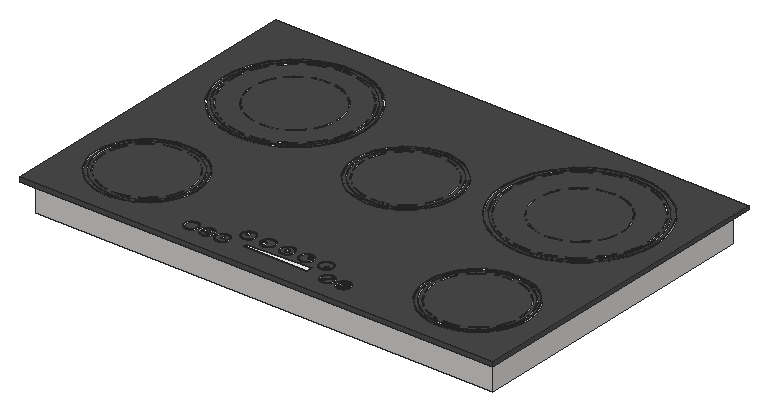
Revit family "QF_Summit_CR5B30T7B_Electric Cooktop", category Specialty Equipment, Revit 2020 (continued)
Forms (in)
  Extrusion 2, solid, material "QF_Plastic_White_Smooth"
    sketch origin (-1.19104, -180, 1.88) x (-1, 0, 0) y (0, -1, 0)
      loop
        line (-29.56464, -172.45371) -> (-29.59396, -172.44291)
        arc (-29.59396, -172.44291) -> (-29.74482, -172.94171) -> (-29.83576, -173.45482) r 4.40804
        line (-29.83576, -173.45482) -> (-29.80472, -173.45844)
        arc (-29.80472, -173.45844) -> (-29.71442, -172.94897) -> (-29.56464, -172.45371) r 4.37679
      loop
        line (-29.41085, -172.01637) -> (-29.38282, -172.03019)
        arc (-29.38282, -172.03019) -> (-29.11629, -171.5642) -> (-28.79471, -171.13435) r 4.37679
        line (-28.79471, -171.13435) -> (-28.81688, -171.11218)
        arc (-28.81688, -171.11218) -> (-29.14171, -171.54598) -> (-29.41085, -172.01637) r 4.40804
      loop
        line (-28.49409, -170.77088) -> (-28.47199, -170.79298)
        arc (-28.47199, -170.79298) -> (-28.07295, -170.4568) -> (-27.63674, -170.17049) r 4.37679
        line (-27.63674, -170.17049) -> (-27.6523, -170.14339)
        arc (-27.6523, -170.14339) -> (-28.09195, -170.43198) -> (-28.49409, -170.77088) r 4.40804
      loop
        line (-27.23923, -169.93426) -> (-27.2266, -169.96284)
        arc (-27.2266, -169.96284) -> (-26.73196, -169.77903) -> (-26.2188, -169.65608) r 4.37679
        line (-26.2188, -169.65608) -> (-26.22423, -169.62531)
        arc (-26.22423, -169.62531) -> (-26.74106, -169.74914) -> (-27.23923, -169.93426) r 4.40804
      loop
        line (-25.77639, -169.56966) -> (-25.77639, -169.601)
        arc (-25.77639, -169.601) -> (-25.23488, -169.59503) -> (-24.69677, -169.65597) r 4.37679
        line (-24.69677, -169.65597) -> (-24.69134, -169.6252)
        arc (-24.69134, -169.6252) -> (-25.23215, -169.56387) -> (-25.77639, -169.56966) r 4.40804
      loop
        line (-24.24888, -169.72703) -> (-24.25745, -169.75709)
        arc (-24.25745, -169.75709) -> (-23.76119, -169.93144) -> (-23.28943, -170.16406) r 4.37679
        line (-23.28943, -170.16406) -> (-23.27395, -170.13691)
        arc (-23.27395, -170.13691) -> (-23.74908, -169.90263) -> (-24.24888, -169.72703) r 4.40804
      loop
        line (-22.88281, -170.38817) -> (-22.90106, -170.41354)
        arc (-22.90106, -170.41354) -> (-22.48301, -170.75541) -> (-22.11024, -171.14617) r 4.37679
        line (-22.11024, -171.14617) -> (-22.08806, -171.12399)
        arc (-22.08806, -171.12399) -> (-22.46275, -170.73158) -> (-22.88281, -170.38817) r 4.40804
      loop
        line (-21.34009, -172.48176) -> (-21.31069, -172.47116)
        arc (-21.31069, -172.47116) -> (-21.5263, -171.97198) -> (-21.80173, -171.50315) r 4.40804
        line (-21.80173, -171.50315) -> (-21.82765, -171.52061)
        arc (-21.82765, -171.52061) -> (-21.55417, -171.98612) -> (-21.34009, -172.48176) r 4.37679
      loop
        line (-23.11564, -175.34724) -> (-23.08872, -175.36311)
        arc (-23.08872, -175.36311) -> (-22.88069, -174.92672) -> (-22.7523, -174.46065) r 2.75
        line (-22.7523, -174.46065) -> (-22.78304, -174.45503)
        arc (-22.78304, -174.45503) -> (-22.90997, -174.91581) -> (-23.11564, -175.34724) r 2.71875
      loop
        line (-22.74401, -173.79661) -> (-22.7127, -173.79661)
        arc (-22.7127, -173.79661) -> (-22.76384, -173.41224) -> (-22.86852, -173.03889) r 2.75
        line (-22.86852, -173.03889) -> (-22.89794, -173.04942)
        arc (-22.89794, -173.04942) -> (-22.79464, -173.41759) -> (-22.74401, -173.79661) r 2.71875
      loop
        line (-23.70105, -171.85015) -> (-23.72101, -171.87419)
        arc (-23.72101, -171.87419) -> (-23.36969, -172.22467) -> (-23.08793, -172.63316) r 2.71875
        line (-23.08793, -172.63316) -> (-23.06069, -172.61784)
        arc (-23.06069, -172.61784) -> (-23.34569, -172.20465) -> (-23.70105, -171.85015) r 2.75
      loop
        line (-24.98486, -171.25707) -> (-24.99023, -171.28785)
        arc (-24.99023, -171.28785) -> (-24.51498, -171.41599) -> (-24.07063, -171.62772) r 2.71875
        line (-24.07063, -171.62772) -> (-24.05468, -171.60084)
        arc (-24.05468, -171.60084) -> (-24.50415, -171.38668) -> (-24.98486, -171.25707) r 2.75
      loop
        line (-26.39713, -171.38167) -> (-26.38645, -171.41104)
        arc (-26.38645, -171.41104) -> (-25.91966, -171.28698) -> (-25.43827, -171.24747) r 2.71875
        line (-25.43827, -171.24747) -> (-25.43827, -171.21622)
        arc (-25.43827, -171.21622) -> (-25.92508, -171.2562) -> (-26.39713, -171.38167) r 2.75
      loop
        line (-27.56589, -172.20063) -> (-27.54371, -172.22282)
        arc (-27.54371, -172.22282) -> (-27.20234, -171.8812) -> (-26.80591, -171.60537) r 2.71875
        line (-26.80591, -171.60537) -> (-26.82141, -171.57823)
        arc (-26.82141, -171.57823) -> (-27.22132, -171.85633) -> (-27.56589, -172.20063) r 2.75
      loop
        line (-28.17064, -173.51756) -> (-28.13981, -173.52266)
        arc (-28.13981, -173.52266) -> (-28.01487, -173.04348) -> (-27.80509, -172.59492) r 2.71875
        line (-27.80509, -172.59492) -> (-27.83208, -172.57916)
        arc (-27.83208, -172.57916) -> (-28.04427, -173.03288) -> (-28.17064, -173.51756) r 2.75
      loop
        line (-28.03039, -174.93702) -> (-28.00116, -174.92599)
        arc (-28.00116, -174.92599) -> (-28.1321, -174.45399) -> (-28.17622, -173.96615) r 2.71875
        line (-28.17622, -173.96615) -> (-28.20747, -173.96615)
        arc (-28.20747, -173.96615) -> (-28.16284, -174.45959) -> (-28.03039, -174.93702) r 2.75
      loop
        line (-27.18309, -176.10736) -> (-27.16348, -176.08302)
        arc (-27.16348, -176.08302) -> (-27.53449, -175.72046) -> (-27.82988, -175.29404) r 2.71875
        line (-27.82988, -175.29404) -> (-27.85715, -175.3093)
        arc (-27.85715, -175.3093) -> (-27.55836, -175.74063) -> (-27.18309, -176.10736) r 2.75
      loop
        line (-25.90779, -176.67903) -> (-25.90267, -176.6482)
        arc (-25.90267, -176.6482) -> (-26.38524, -176.5217) -> (-26.83658, -176.30916) r 2.71875
        line (-26.83658, -176.30916) -> (-26.85243, -176.33609)
        arc (-26.85243, -176.33609) -> (-26.39591, -176.55108) -> (-25.90779, -176.67903) r 2.75
      loop
        line (-25.52061, -176.68417) -> (-25.52061, -176.71543)
        arc (-25.52061, -176.71543) -> (-25.00022, -176.67787) -> (-24.49628, -176.5427) r 2.75
        line (-24.49628, -176.5427) -> (-24.5072, -176.51342)
        arc (-24.5072, -176.51342) -> (-25.00577, -176.64712) -> (-25.52061, -176.68417) r 2.71875
      loop
        line (-24.10736, -176.32598) -> (-24.09184, -176.35311)
        arc (-24.09184, -176.35311) -> (-23.68495, -176.06869) -> (-23.33583, -175.71576) r 2.75
        line (-23.33583, -175.71576) -> (-23.35993, -175.69587)
        arc (-23.35993, -175.69587) -> (-23.70509, -176.0448) -> (-24.10736, -176.32598) r 2.71875
      loop
        circle (-26.91382, -163.96941) r 3.25
      loop
        circle (-26.91382, -163.96941) r 3.1875
      loop
        circle (-26.91382, -163.96941) r 3.01918
      loop
        circle (-26.91382, -163.96941) r 2.98793
      loop
        line (-28.68474, -166.10724) -> (-28.66255, -166.08504)
        arc (-28.66255, -166.08504) -> (-29.02055, -165.72885) -> (-29.30724, -165.31309) r 2.7448
        line (-29.30724, -165.31309) -> (-29.33449, -165.32839)
        arc (-29.33449, -165.32839) -> (-29.04549, -165.74774) -> (-28.68474, -166.10724) r 2.77605
      loop
        line (-29.52935, -164.89972) -> (-29.49991, -164.88925)
        arc (-29.49991, -164.88925) -> (-29.62036, -164.42616) -> (-29.65855, -163.9492) r 2.7448
        line (-29.65855, -163.9492) -> (-29.6898, -163.9492)
        arc (-29.6898, -163.9492) -> (-29.65115, -164.43148) -> (-29.52935, -164.89972) r 2.77605
      loop
        line (-29.64965, -163.49854) -> (-29.61885, -163.50384)
        arc (-29.61885, -163.50384) -> (-29.49229, -163.02843) -> (-29.2829, -162.58326) r 2.7448
        line (-29.2829, -162.58326) -> (-29.30987, -162.56748)
        arc (-29.30987, -162.56748) -> (-29.52165, -163.01772) -> (-29.64965, -163.49854) r 2.77605
      loop
        line (-29.04187, -162.18675) -> (-29.01969, -162.20893)
        arc (-29.01969, -162.20893) -> (-28.68198, -161.86999) -> (-28.29055, -161.59484) r 2.7448
        line (-28.29055, -161.59484) -> (-28.30622, -161.56781)
        arc (-28.30622, -161.56781) -> (-28.70104, -161.84519) -> (-29.04187, -162.18675) r 2.77605
      loop
        line (-27.87922, -161.36663) -> (-27.86835, -161.39592)
        arc (-27.86835, -161.39592) -> (-27.40398, -161.26873) -> (-26.92453, -161.22463) r 2.7448
        line (-26.92453, -161.22463) -> (-26.92453, -161.19338)
        arc (-26.92453, -161.19338) -> (-27.4095, -161.23797) -> (-27.87922, -161.36663) r 2.77605
      loop
        line (-26.49026, -161.22586) -> (-26.49503, -161.25674)
        arc (-26.49503, -161.25674) -> (-25.98423, -161.38681) -> (-25.50771, -161.61212) r 2.7448
        line (-25.50771, -161.61212) -> (-25.4917, -161.58529)
        arc (-25.4917, -161.58529) -> (-25.97365, -161.35741) -> (-26.49026, -161.22586) r 2.77605
      loop
        line (-25.14856, -161.82691) -> (-25.17076, -161.84911)
        arc (-25.17076, -161.84911) -> (-24.80855, -162.20822) -> (-24.51904, -162.62815) r 2.7448
        line (-24.51904, -162.62815) -> (-24.49178, -162.61288)
        arc (-24.49178, -162.61288) -> (-24.7836, -162.18934) -> (-25.14856, -161.82691) r 2.77605
      loop
        line (-24.30689, -163.01529) -> (-24.33623, -163.02603)
        arc (-24.33623, -163.02603) -> (-24.20809, -163.50792) -> (-24.16925, -164.00505) r 2.7448
        line (-24.16925, -164.00505) -> (-24.138, -164.00505)
        arc (-24.138, -164.00505) -> (-24.17732, -163.50247) -> (-24.30689, -163.01529) r 2.77605
      loop
        line (-24.17765, -164.43824) -> (-24.20845, -164.43296)
        arc (-24.20845, -164.43296) -> (-24.33629, -164.91294) -> (-24.54854, -165.36203) r 2.7448
        line (-24.54854, -165.36203) -> (-24.52161, -165.37788)
        arc (-24.52161, -165.37788) -> (-24.30694, -164.92369) -> (-24.17765, -164.43824) r 2.77605
      loop
        line (-24.77796, -165.74269) -> (-24.802, -165.72273)
        arc (-24.802, -165.72273) -> (-25.13819, -166.06251) -> (-25.52822, -166.33881) r 2.7448
        line (-25.52822, -166.33881) -> (-25.51245, -166.36578)
        arc (-25.51245, -166.36578) -> (-25.11797, -166.08634) -> (-24.77796, -165.74269) r 2.77605
      loop
        line (-25.95488, -166.57458) -> (-25.96568, -166.54525)
        arc (-25.96568, -166.54525) -> (-26.44703, -166.67423) -> (-26.94377, -166.71405) r 2.7448
        line (-26.94377, -166.71405) -> (-26.94377, -166.7453)
        arc (-26.94377, -166.7453) -> (-26.44155, -166.70499) -> (-25.95488, -166.57458) r 2.77605
      loop
        line (-27.41462, -166.69992) -> (-27.40899, -166.66918)
        arc (-27.40899, -166.66918) -> (-27.87154, -166.54171) -> (-28.30483, -166.33564) r 2.7448
        line (-28.30483, -166.33564) -> (-28.32067, -166.36258)
        arc (-28.32067, -166.36258) -> (-27.88244, -166.57099) -> (-27.41462, -166.69992) r 2.77605
    from 0 to 0.25
  Extrusion 3, solid, material "QF_Metal_Stainless_Polished"
    sketch origin (-2.73972, -180, 0) x (0, -1, 0) y (-1, 0, 0)
      loop
        line (-160.1875, -3.30222) -> (-179.3125, -3.30222) -> (-179.3125, -32.42722) -> (-160.1875, -32.42722) -> (-160.1875, -3.30222)
    from 0 to -0.0625
  Extrusion 4, solid, material "QF_Metal_Stainless_Polished"
    sketch origin (-12.87514, 0, 0) x (1, 0, 0) y (0, 1, 0)
      loop
        circle (28.00014, -0.98525) r 0.125
    from 0 to -1
  Extrusion 5, solid, material "QF_Metal_Stainless_Polished"
    sketch origin (-2.73972, -180, -0.12) x (-1, 0, 0) y (0, -1, 0)
      loop
        line (-3.23972, -179.375) -> (-3.23972, -160.125) -> (-32.48972, -160.125) -> (-32.48972, -179.375) -> (-3.23972, -179.375)
      loop
        line (-3.30222, -160.1875) -> (-32.42722, -160.1875) -> (-32.42722, -179.3125) -> (-3.30222, -179.3125) -> (-3.30222, -160.1875)
    from 0.12 to 2
  Extrusion 6, solid, material "QF_Plastic_White_Smooth"
    sketch origin (1.30896, -180, 1.88) x (-1, 0, 0) y (0, -1, 0)
      loop
        circle (-11.33221, -161.9833) r 0.42869
      loop
        circle (-11.33221, -161.9833) r 0.39744
      loop
        circle (-11.17116, -162.14539) r 0.13534
      loop
        circle (-12.43549, -161.82122) r 0.13534
      loop
        circle (-12.59654, -161.9833) r 0.39744
      loop
        circle (-12.59654, -161.9833) r 0.42869
      loop
        circle (-13.81604, -161.9833) r 0.42869
      loop
        circle (-13.81604, -161.9833) r 0.39744
      loop
        circle (-13.81604, -161.9833) r 0.13534
      loop
        circle (-15.03553, -161.9833) r 0.42869
      loop
        circle (-15.03553, -161.9833) r 0.39744
      loop
        circle (-15.19659, -162.14539) r 0.13534
      loop
        circle (-16.29986, -161.9833) r 0.42869
      loop
        circle (-16.29986, -161.9833) r 0.39744
      loop
        circle (-16.46092, -161.82122) r 0.13534
      loop
        circle (-8.46353, -160.98371) r 0.42869
      loop
        circle (-8.46353, -160.98371) r 0.36619
      loop
        circle (-9.46353, -160.98371) r 0.42869
      loop
        circle (-9.46353, -160.98371) r 0.39744
      loop
        line (-9.22936, -161.13767) -> (-9.22936, -160.86031) -> (-9.47955, -160.99899) -> (-9.22936, -161.13767)
      loop
        line (-9.50568, -160.81214) -> (-9.63429, -160.81214) -> (-9.63429, -161.18585) -> (-9.50568, -161.18585) -> (-9.50568, -160.81214)
      loop
        circle (-10.45771, -160.98371) r 0.42869
      loop
        circle (-10.45771, -160.98371) r 0.39744
      loop
        line (-10.40642, -160.93163) -> (-10.78511, -160.9984) -> (-10.47595, -161.02545) -> (-10.44014, -161.31706) -> (-10.40642, -160.93163)
      loop
        line (-15.85973, -160.96725) -> (-15.85973, -161.38465) -> (-11.82904, -161.18247) -> (-11.82904, -160.96725) -> (-15.85973, -160.96725)
      loop
        circle (-17.19862, -160.98371) r 0.42869
      loop
        circle (-17.19862, -160.98371) r 0.39744
      loop
        line (-16.95826, -160.78859) -> (-17.00229, -160.74456) -> (-17.36411, -161.10638)
        arc (-17.36411, -161.10638) -> (-17.43915, -161.22545) -> (-17.32008, -161.15041) r 0.07216
        line (-17.32008, -161.15041) -> (-16.95826, -160.78859)
      loop
        circle (-18.22179, -160.98371) r 0.42869
      loop
        circle (-18.22179, -160.98371) r 0.36619
      loop
        line (-18.26744, -161.2295) -> (-18.26744, -161.31685) -> (-18.17614, -161.31685) -> (-18.17614, -161.2295)
        arc (-18.17614, -161.2295) -> (-18.22179, -160.73371) -> (-18.26744, -161.2295) r 0.25
      loop
        arc (-18.17614, -161.16556) -> (-18.22179, -160.79621) -> (-18.26744, -161.16556) r 0.1875
        line (-18.26744, -161.16556) -> (-18.26744, -161.03933) -> (-18.17614, -161.03933) -> (-18.17614, -161.16556)
    from 0 to 0.25
Lines and regions (in)
  symbolic lines
    curve 1: line (0, 0, 0) -> (0, -20.5, 0)
    curve 2: line (0, -20.5, 0) -> (30.25, -20.5, 0)
    curve 3: line (30.25, -20.5, 0) -> (30.25, 0, 0)
    curve 4: line (30.25, 0, 0) -> (0, 0, 0)
    curve 5: arc (10.51644, -6.03385, 0) -> (6.01644, -1.53385, 0) -> (1.51644, -6.03385, 0) r 4.5
    curve 6: arc (1.51644, -6.03385, 0) -> (6.01644, -10.53385, 0) -> (10.51644, -6.03385, 0) r 4.5
    curve 7: arc (10.45394, -6.03385, 0) -> (6.01644, -1.59635, 0) -> (1.57894, -6.03385, 0) r 4.4375
    curve 8: arc (1.57894, -6.03385, 0) -> (6.01644, -10.47135, 0) -> (10.45394, -6.03385, 0) r 4.4375
    curve 9: arc (10.26644, -6.03385, 0) -> (6.01644, -1.78385, 0) -> (1.76644, -6.03385, 0) r 4.25
    curve 10: arc (1.76644, -6.03385, 0) -> (6.01644, -10.28385, 0) -> (10.26644, -6.03385, 0) r 4.25
    curve 11: arc (10.23519, -6.03385, 0) -> (6.01644, -1.8151, 0) -> (1.79769, -6.03385, 0) r 4.21875
    curve 12: arc (1.79769, -6.03385, 0) -> (6.01644, -10.2526, 0) -> (10.23519, -6.03385, 0) r 4.21875
    curve 13: arc (2.02734, -6.78543, 0) -> (2.15398, -7.28252, 0) -> (2.3423, -7.75968, 0) r 4.05928
    curve 14: line (2.3423, -7.75968, 0) -> (2.37059, -7.74639, 0)
    curve 15: arc (2.37059, -7.74639, 0) -> (2.18372, -7.27291, 0) -> (2.05805, -6.77964, 0) r 4.02803
    curve 16: line (2.05805, -6.77964, 0) -> (2.02734, -6.78543, 0)
    curve 17: arc (2.0379, -5.22825, 0) -> (1.96666, -5.75623, 0) -> (1.96518, -6.289, 0) r 4.05928
    curve 18: line (1.96518, -6.289, 0) -> (1.9965, -6.289, 0)
    curve 19: arc (1.9965, -6.289, 0) -> (1.99777, -5.75935, 0) -> (2.06853, -5.23445, 0) r 4.02803
    curve 20: line (2.06853, -5.23445, 0) -> (2.0379, -5.22825, 0)
    curve 21: arc (2.58802, -3.86044, 0) -> (2.34102, -4.31075, 0) -> (2.15286, -4.78863, 0) r 4.05928
    curve 22: line (2.15286, -4.78863, 0) -> (2.18261, -4.79822, 0)
    curve 23: arc (2.18261, -4.79822, 0) -> (2.36932, -4.32401, 0) -> (2.61441, -3.87718, 0) r 4.02803
    curve 24: line (2.61441, -3.87718, 0) -> (2.58802, -3.86044, 0)
    curve 25: arc (3.60186, -2.77079, 0) -> (3.20018, -3.11042, 0) -> (2.8458, -3.49913, 0) r 4.05928
    curve 26: line (2.8458, -3.49913, 0) -> (2.87021, -3.51864, 0)
    curve 27: arc (2.87021, -3.51864, 0) -> (3.22186, -3.13292, 0) -> (3.62045, -2.79591, 0) r 4.02803
    curve 28: line (3.62045, -2.79591, 0) -> (3.60186, -2.77079, 0)
    curve 29: arc (4.92603, -2.12376, 0) -> (4.45199, -2.28815, 0) -> (4.00185, -2.50976, 0) r 4.05928
    curve 30: line (4.00185, -2.50976, 0) -> (4.01736, -2.53689, 0)
    curve 31: arc (4.01736, -2.53689, 0) -> (4.46403, -2.31698, 0) -> (4.93442, -2.15386, 0) r 4.02803
    curve 32: line (4.93442, -2.15386, 0) -> (4.92603, -2.12376, 0)
    curve 33: arc (6.45969, -1.99884, 0) -> (5.93001, -1.97549, 0) -> (5.40181, -2.02137, 0) r 4.05928
    curve 34: line (5.40181, -2.02137, 0) -> (5.40654, -2.05226, 0)
    curve 35: arc (5.40654, -2.05226, 0) -> (5.93068, -2.00673, 0) -> (6.45627, -2.0299, 0) r 4.02803
    curve 36: line (6.45627, -2.0299, 0) -> (6.45969, -1.99884, 0)
    curve 37: arc (7.87757, -2.42636, 0) -> (7.38836, -2.21343, 0) -> (6.87545, -2.0665, 0) r 4.05928
    curve 38: line (6.87545, -2.0665, 0) -> (6.86884, -2.09704, 0)
    curve 39: arc (6.86884, -2.09704, 0) -> (7.3778, -2.24284, 0) -> (7.86324, -2.45414, 0) r 4.02803
    curve 40: line (7.86324, -2.45414, 0) -> (7.87757, -2.42636, 0)
    curve 41: arc (9.01773, -3.30072, 0) -> (8.66956, -2.9616, 0) -> (8.28335, -2.66653, 0) r 4.05928
    curve 42: line (8.28335, -2.66653, 0) -> (8.2659, -2.69245, 0)
    curve 43: arc (8.2659, -2.69245, 0) -> (8.64969, -2.98573, 0) -> (8.99561, -3.32284, 0) r 4.02803
    curve 44: line (8.99561, -3.32284, 0) -> (9.01773, -3.30072, 0)
    curve 45: arc (9.80647, -4.5801, 0) -> (9.5899, -4.1082, 0) -> (9.31486, -3.66781, 0) r 4.05928
    curve 46: line (9.31486, -3.66781, 0) -> (9.28947, -3.68602, 0)
    curve 47: arc (9.28947, -3.68602, 0) -> (9.56239, -4.12302, 0) -> (9.77729, -4.59129, 0) r 4.02803
    curve 48: line (9.77729, -4.59129, 0) -> (9.80647, -4.5801, 0)
    curve 49: arc (10.07572, -6.03385, 0) -> (10.04382, -5.52601, 0) -> (9.94865, -5.02616, 0) r 4.05928
    curve 50: line (9.94865, -5.02616, 0) -> (9.91838, -5.03391, 0)
    curve 51: arc (9.91838, -5.03391, 0) -> (10.01282, -5.52992, 0) -> (10.04447, -6.03385, 0) r 4.02803
    curve 52: line (10.04447, -6.03385, 0) -> (10.07572, -6.03385, 0)
    curve 53: arc (9.80058, -7.50287, 0) -> (9.95847, -7.0024, 0) -> (10.05048, -6.48575, 0) r 4.05928
    curve 54: line (10.05048, -6.48575, 0) -> (10.01943, -6.48227, 0)
    curve 55: arc (10.01943, -6.48227, 0) -> (9.92812, -6.99495, 0) -> (9.77145, -7.49156, 0) r 4.02803
    curve 56: line (9.77145, -7.49156, 0) -> (9.80058, -7.50287, 0)
    curve 57: arc (9.01394, -8.77113, 0) -> (9.33301, -8.37438, 0) -> (9.5999, -7.94081, 0) r 4.05928
    curve 58: line (9.5999, -7.94081, 0) -> (9.57232, -7.92613, 0)
    curve 59: arc (9.57232, -7.92613, 0) -> (9.30789, -8.35578, 0) -> (8.99182, -8.74901, 0) r 4.02803
    curve 60: line (8.99182, -8.74901, 0) -> (9.01394, -8.77113, 0)
    curve 61: arc (7.83314, -9.66391, 0) -> (8.27477, -9.40693, 0) -> (8.68062, -9.09651, 0) r 4.05928
    curve 62: line (8.68062, -9.09651, 0) -> (8.65847, -9.07435, 0)
    curve 63: arc (8.65847, -9.07435, 0) -> (8.25648, -9.38156, 0) -> (7.81916, -9.63596, 0) r 4.02803
    curve 64: line (7.81916, -9.63596, 0) -> (7.83314, -9.66391, 0)
    curve 65: arc (6.39074, -10.07583, 0) -> (6.92863, -9.9893, 0) -> (7.4501, -9.83153, 0) r 4.05928
    curve 66: line (7.4501, -9.83153, 0) -> (7.43906, -9.80229, 0)
    curve 67: arc (7.43906, -9.80229, 0) -> (6.92161, -9.95885, 0) -> (6.38785, -10.04472, 0) r 4.02803
    curve 68: line (6.38785, -10.04472, 0) -> (6.39074, -10.07583, 0)
    curve 69: arc (4.89912, -9.93633, 0) -> (5.42832, -10.0503, 0) -> (5.96799, -10.09284, 0) r 4.05928
    curve 70: line (5.96799, -10.09284, 0) -> (5.96799, -10.06159, 0)
    curve 71: arc (5.96799, -10.06159, 0) -> (5.43267, -10.01935, 0) -> (4.90772, -9.90628, 0) r 4.02803
    curve 72: line (4.90772, -9.90628, 0) -> (4.89912, -9.93633, 0)
    curve 73: arc (3.58227, -9.28232, 0) -> (4.02315, -9.57003, 0) -> (4.49755, -9.79825, 0) r 4.05928
    curve 74: line (4.49755, -9.79825, 0) -> (4.50924, -9.76927, 0)
    curve 75: arc (4.50924, -9.76927, 0) -> (4.0385, -9.5428, 0) -> (3.60101, -9.25732, 0) r 4.02803
    curve 76: line (3.60101, -9.25732, 0) -> (3.58227, -9.28232, 0)
    curve 77: arc (2.56268, -8.16675, 0) -> (2.8635, -8.59055, 0) -> (3.216, -8.97244, 0) r 4.05928
    curve 78: line (3.216, -8.97244, 0) -> (3.23811, -8.95034, 0)
    curve 79: arc (3.23811, -8.95034, 0) -> (2.88801, -8.57116, 0) -> (2.58926, -8.15033, 0) r 4.02803
    curve 80: line (2.58926, -8.15033, 0) -> (2.56268, -8.16675, 0)
    curve 81: arc (3.64768, -4.63689, 0) -> (3.43965, -5.07328, 0) -> (3.31126, -5.53935, 0) r 2.75
    curve 82: line (3.31126, -5.53935, 0) -> (3.342, -5.54497, 0)
    curve 83: arc (3.342, -5.54497, 0) -> (3.46894, -5.08419, 0) -> (3.6746, -4.65276, 0) r 2.71875
    curve 84: line (3.6746, -4.65276, 0) -> (3.64768, -4.63689, 0)
    curve 85: arc (4.6508, -3.64689, 0) -> (4.24391, -3.93131, 0) -> (3.89479, -4.28424, 0) r 2.75
    curve 86: line (3.89479, -4.28424, 0) -> (3.9189, -4.30413, 0)
    curve 87: arc (3.9189, -4.30413, 0) -> (4.26406, -3.9552, 0) -> (4.66632, -3.67402, 0) r 2.71875
    curve 88: line (4.66632, -3.67402, 0) -> (4.6508, -3.64689, 0)
    curve 89: arc (6.07958, -3.28457, 0) -> (5.55918, -3.32213, 0) -> (5.05524, -3.4573, 0) r 2.75
    curve 90: line (5.05524, -3.4573, 0) -> (5.06616, -3.48658, 0)
    curve 91: arc (5.06616, -3.48658, 0) -> (5.56473, -3.35288, 0) -> (6.07958, -3.31583, 0) r 2.71875
    curve 92: line (6.07958, -3.31583, 0) -> (6.07958, -3.28457, 0)
    curve 93: arc (7.41139, -3.66391, 0) -> (6.95487, -3.44892, 0) -> (6.46675, -3.32097, 0) r 2.75
    curve 94: line (6.46675, -3.32097, 0) -> (6.46163, -3.3518, 0)
    curve 95: arc (6.46163, -3.3518, 0) -> (6.94421, -3.4783, 0) -> (7.39554, -3.69084, 0) r 2.71875
    curve 96: line (7.39554, -3.69084, 0) -> (7.41139, -3.66391, 0)
    curve 97: arc (8.41612, -4.6907, 0) -> (8.11733, -4.25937, 0) -> (7.74205, -3.89264, 0) r 2.75
    curve 98: line (7.74205, -3.89264, 0) -> (7.72244, -3.91698, 0)
    curve 99: arc (7.72244, -3.91698, 0) -> (8.09345, -4.27954, 0) -> (8.38885, -4.70596, 0) r 2.71875
    curve 100: line (8.38885, -4.70596, 0) -> (8.41612, -4.6907, 0)
    curve 101: arc (8.76644, -6.03385, 0) -> (8.7218, -5.54041, 0) -> (8.58936, -5.06298, 0) r 2.75
    curve 102: line (8.58936, -5.06298, 0) -> (8.56012, -5.07401, 0)
    curve 103: arc (8.56012, -5.07401, 0) -> (8.69106, -5.54601, 0) -> (8.73519, -6.03385, 0) r 2.71875
    curve 104: line (8.73519, -6.03385, 0) -> (8.76644, -6.03385, 0)
    curve 105: arc (8.39104, -7.42084, 0) -> (8.60323, -6.96712, 0) -> (8.7296, -6.48244, 0) r 2.75
    curve 106: line (8.7296, -6.48244, 0) -> (8.69877, -6.47734, 0)
    curve 107: arc (8.69877, -6.47734, 0) -> (8.57383, -6.95652, 0) -> (8.36406, -7.40508, 0) r 2.71875
    curve 108: line (8.36406, -7.40508, 0) -> (8.39104, -7.42084, 0)
    curve 109: arc (7.38037, -8.42177, 0) -> (7.78029, -8.14367, 0) -> (8.12486, -7.79937, 0) r 2.75
    curve 110: line (8.12486, -7.79937, 0) -> (8.10267, -7.77718, 0)
    curve 111: arc (8.10267, -7.77718, 0) -> (7.7613, -8.1188, 0) -> (7.36487, -8.39463, 0) r 2.71875
    curve 112: line (7.36487, -8.39463, 0) -> (7.38037, -8.42177, 0)
    curve 113: arc (5.99723, -8.78378, 0) -> (6.48404, -8.7438, 0) -> (6.9561, -8.61833, 0) r 2.75
    curve 114: line (6.9561, -8.61833, 0) -> (6.94542, -8.58896, 0)
    curve 115: arc (6.94542, -8.58896, 0) -> (6.47862, -8.71302, 0) -> (5.99723, -8.75253, 0) r 2.71875
    curve 116: line (5.99723, -8.75253, 0) -> (5.99723, -8.78378, 0)
    curve 117: arc (4.61365, -8.39916, 0) -> (5.06311, -8.61332, 0) -> (5.54382, -8.74293, 0) r 2.75
    curve 118: line (5.54382, -8.74293, 0) -> (5.54919, -8.71215, 0)
    curve 119: arc (5.54919, -8.71215, 0) -> (5.07394, -8.58401, 0) -> (4.62959, -8.37228, 0) r 2.71875
    curve 120: line (4.62959, -8.37228, 0) -> (4.61365, -8.39916, 0)
    curve 121: arc (3.61966, -7.38216, 0) -> (3.90466, -7.79535, 0) -> (4.26001, -8.14985, 0) r 2.75
    curve 122: line (4.26001, -8.14985, 0) -> (4.27997, -8.12581, 0)
    curve 123: arc (4.27997, -8.12581, 0) -> (3.92866, -7.77533, 0) -> (3.64689, -7.36684, 0) r 2.71875
    curve 124: line (3.64689, -7.36684, 0) -> (3.61966, -7.38216, 0)
    curve 125: arc (3.27167, -6.20339, 0) -> (3.3228, -6.58776, 0) -> (3.42748, -6.96111, 0) r 2.75
    curve 126: line (3.42748, -6.96111, 0) -> (3.4569, -6.95058, 0)
    curve 127: arc (3.4569, -6.95058, 0) -> (3.3536, -6.58241, 0) -> (3.30298, -6.20339, 0) r 2.71875
    curve 128: line (3.30298, -6.20339, 0) -> (3.27167, -6.20339, 0)
    curve 129: arc (29.14144, -6.03385, 0) -> (24.26644, -1.15885, 0) -> (19.39144, -6.03385, 0) r 4.875
    curve 130: arc (19.39144, -6.03385, 0) -> (24.26644, -10.90885, 0) -> (29.14144, -6.03385, 0) r 4.875
    curve 131: arc (19.45394, -6.03385, 0) -> (24.26644, -1.22135, 0) -> (29.07894, -6.03385, 0) r 4.8125
    curve 132: arc (29.07894, -6.03385, 0) -> (24.26644, -10.84635, 0) -> (19.45394, -6.03385, 0) r 4.8125
    curve 133: arc (28.8696, -6.03385, 0) -> (24.26644, -1.43068, 0) -> (19.66327, -6.03385, 0) r 4.60317
    curve 134: arc (19.66327, -6.03385, 0) -> (24.26644, -10.63701, 0) -> (28.8696, -6.03385, 0) r 4.60317
    curve 135: arc (19.69452, -6.03385, 0) -> (24.26644, -1.46193, 0) -> (28.83835, -6.03385, 0) r 4.57192
    curve 136: arc (28.83835, -6.03385, 0) -> (24.26644, -10.60576, 0) -> (19.69452, -6.03385, 0) r 4.57192
    curve 137: arc (19.85849, -6.0052, 0) -> (19.88914, -6.55357, 0) -> (19.98775, -7.09386, 0) r 4.40804
    curve 138: line (19.98775, -7.09386, 0) -> (20.01808, -7.08635, 0)
    curve 139: arc (20.01808, -7.08635, 0) -> (19.92016, -6.54978, 0) -> (19.88974, -6.0052, 0) r 4.37679
    curve 140: line (19.88974, -6.0052, 0) -> (19.85849, -6.0052, 0)
    curve 141: arc (20.13919, -4.48574, 0) -> (19.98029, -5.0044, 0) -> (19.8863, -5.53864, 0) r 4.40804
    curve 142: line (19.8863, -5.53864, 0) -> (19.91735, -5.54215, 0)
    curve 143: arc (19.91735, -5.54215, 0) -> (20.01068, -5.01169, 0) -> (20.16845, -4.49671, 0) r 4.37679
    curve 144: line (20.16845, -4.49671, 0) -> (20.13919, -4.48574, 0)
    curve 145: arc (20.34405, -4.09189, 0) -> (20.60728, -3.63242, 0) -> (20.92407, -3.2081, 0) r 4.37679
    curve 146: line (20.92407, -3.2081, 0) -> (20.9002, -3.18792, 0)
    curve 147: arc (20.9002, -3.18792, 0) -> (20.58115, -3.61527, 0) -> (20.31605, -4.07802, 0) r 4.40804
    curve 148: line (20.31605, -4.07802, 0) -> (20.34405, -4.09189, 0)
    curve 149: arc (22.06517, -2.21478, 0) -> (21.62934, -2.50163, 0) -> (21.23046, -2.83796, 0) r 4.40804
    curve 150: line (21.23046, -2.83796, 0) -> (21.25257, -2.86007, 0)
    curve 151: arc (21.25257, -2.86007, 0) -> (21.64836, -2.52643, 0) -> (22.08077, -2.24186, 0) r 4.37679
    curve 152: line (22.08077, -2.24186, 0) -> (22.06517, -2.21478, 0)
    curve 153: arc (23.52643, -1.68837, 0) -> (23.00537, -1.81004, 0) -> (22.5029, -1.99395, 0) r 4.40804
    curve 154: line (22.5029, -1.99395, 0) -> (22.5154, -2.02259, 0)
    curve 155: arc (22.5154, -2.02259, 0) -> (23.01431, -1.83998, 0) -> (23.53167, -1.71917, 0) r 4.37679
    curve 156: line (23.53167, -1.71917, 0) -> (23.52643, -1.68837, 0)
    curve 157: arc (25.05388, -1.69671, 0) -> (24.5256, -1.63343, 0) -> (23.99354, -1.63426, 0) r 4.40804
    curve 158: line (23.99354, -1.63426, 0) -> (23.99547, -1.66545, 0)
    curve 159: arc (23.99547, -1.66545, 0) -> (24.52376, -1.66463, 0) -> (25.04829, -1.72746, 0) r 4.37679
    curve 160: line (25.04829, -1.72746, 0) -> (25.05388, -1.69671, 0)
    curve 161: arc (26.50904, -2.23891, 0) -> (26.0225, -1.9907, 0) -> (25.509, -1.80456, 0) r 4.40804
    curve 162: line (25.509, -1.80456, 0) -> (25.5002, -1.83455, 0)
    curve 163: arc (25.5002, -1.83455, 0) -> (26.01005, -2.01936, 0) -> (26.49314, -2.26581, 0) r 4.37679
    curve 164: line (26.49314, -2.26581, 0) -> (26.50904, -2.23891, 0)
    curve 165: arc (27.66008, -3.22067, 0) -> (27.27958, -2.81643, 0) -> (26.85129, -2.46322, 0) r 4.40804
    curve 166: line (26.85129, -2.46322, 0) -> (26.82891, -2.4856, 0)
    curve 167: arc (26.82891, -2.4856, 0) -> (27.25639, -2.83753, 0) -> (27.63602, -3.24061, 0) r 4.37679
    curve 168: line (27.63602, -3.24061, 0) -> (27.66008, -3.22067, 0)
    curve 169: arc (28.41702, -4.54943, 0) -> (28.20479, -4.05389, 0) -> (27.93366, -3.58797, 0) r 4.40804
    curve 170: line (27.93366, -3.58797, 0) -> (27.90766, -3.60531, 0)
    curve 171: arc (27.90766, -3.60531, 0) -> (28.17687, -4.06793, 0) -> (28.38759, -4.55995, 0) r 4.37679
    curve 172: line (28.38759, -4.55995, 0) -> (28.41702, -4.54943, 0)
    curve 173: arc (28.67445, -6.04923, 0) -> (28.64587, -5.53249, 0) -> (28.55693, -5.02265, 0) r 4.40804
    curve 174: line (28.55693, -5.02265, 0) -> (28.52651, -5.02982, 0)
    curve 175: arc (28.52651, -5.02982, 0) -> (28.61483, -5.53609, 0) -> (28.6432, -6.04923, 0) r 4.37679
    curve 176: line (28.6432, -6.04923, 0) -> (28.67445, -6.04923, 0)
    curve 177: arc (28.40293, -7.55709, 0) -> (28.55378, -7.05829, 0) -> (28.64472, -6.54518, 0) r 4.40804
    curve 178: line (28.64472, -6.54518, 0) -> (28.61368, -6.54156, 0)
    curve 179: arc (28.61368, -6.54156, 0) -> (28.52339, -7.05103, 0) -> (28.3736, -7.54629, 0) r 4.37679
    curve 180: line (28.3736, -7.54629, 0) -> (28.40293, -7.55709, 0)
    curve 181: arc (27.62585, -8.88782, 0) -> (27.95067, -8.45402, 0) -> (28.21981, -7.98363, 0) r 4.40804
    curve 182: line (28.21981, -7.98363, 0) -> (28.19178, -7.96981, 0)
    curve 183: arc (28.19178, -7.96981, 0) -> (27.92525, -8.4358, 0) -> (27.60368, -8.86565, 0) r 4.37679
    curve 184: line (27.60368, -8.86565, 0) -> (27.62585, -8.88782, 0)
    curve 185: arc (26.46127, -9.85661, 0) -> (26.90091, -9.56802, 0) -> (27.30305, -9.22912, 0) r 4.40804
    curve 186: line (27.30305, -9.22912, 0) -> (27.28095, -9.20702, 0)
    curve 187: arc (27.28095, -9.20702, 0) -> (26.88191, -9.5432, 0) -> (26.44571, -9.82951, 0) r 4.37679
    curve 188: line (26.44571, -9.82951, 0) -> (26.46127, -9.85661, 0)
    curve 189: arc (25.0332, -10.37469, 0) -> (25.55002, -10.25086, 0) -> (26.04819, -10.06574, 0) r 4.40804
    curve 190: line (26.04819, -10.06574, 0) -> (26.03556, -10.03716, 0)
    curve 191: arc (26.03556, -10.03716, 0) -> (25.54092, -10.22097, 0) -> (25.02776, -10.34392, 0) r 4.37679
    curve 192: line (25.02776, -10.34392, 0) -> (25.0332, -10.37469, 0)
    curve 193: arc (23.50031, -10.3748, 0) -> (24.04111, -10.43613, 0) -> (24.58535, -10.43034, 0) r 4.40804
    curve 194: line (24.58535, -10.43034, 0) -> (24.58535, -10.399, 0)
    curve 195: arc (24.58535, -10.399, 0) -> (24.04384, -10.40497, 0) -> (23.50574, -10.34403, 0) r 4.37679
    curve 196: line (23.50574, -10.34403, 0) -> (23.50031, -10.3748, 0)
    curve 197: arc (22.08292, -9.86309, 0) -> (22.55804, -10.09737, 0) -> (23.05784, -10.27297, 0) r 4.40804
    curve 198: line (23.05784, -10.27297, 0) -> (23.06641, -10.24291, 0)
    curve 199: arc (23.06641, -10.24291, 0) -> (22.57015, -10.06856, 0) -> (22.0984, -9.83594, 0) r 4.37679
    curve 200: line (22.0984, -9.83594, 0) -> (22.08292, -9.86309, 0)
    curve 201: arc (20.89702, -8.87601, 0) -> (21.27171, -9.26842, 0) -> (21.69177, -9.61183, 0) r 4.40804
    curve 202: line (21.69177, -9.61183, 0) -> (21.71002, -9.58646, 0)
    curve 203: arc (21.71002, -9.58646, 0) -> (21.29197, -9.24459, 0) -> (20.9192, -8.85383, 0) r 4.37679
    curve 204: line (20.9192, -8.85383, 0) -> (20.89702, -8.87601, 0)
    curve 205: arc (20.11965, -7.52884, 0) -> (20.33527, -8.02802, 0) -> (20.6107, -8.49685, 0) r 4.40804
    curve 206: line (20.6107, -8.49685, 0) -> (20.63661, -8.47939, 0)
    curve 207: arc (20.63661, -8.47939, 0) -> (20.36313, -8.01388, 0) -> (20.14905, -7.51824, 0) r 4.37679
    curve 208: line (20.14905, -7.51824, 0) -> (20.11965, -7.52884, 0)
    curve 209: arc (21.86966, -7.38216, 0) -> (22.15466, -7.79535, 0) -> (22.51001, -8.14985, 0) r 2.75
    curve 210: line (22.51001, -8.14985, 0) -> (22.52997, -8.12581, 0)
    curve 211: arc (22.52997, -8.12581, 0) -> (22.17866, -7.77533, 0) -> (21.89689, -7.36684, 0) r 2.71875
    curve 212: line (21.89689, -7.36684, 0) -> (21.86966, -7.38216, 0)
    curve 213: arc (22.86365, -8.39916, 0) -> (23.31311, -8.61332, 0) -> (23.79382, -8.74293, 0) r 2.75
    curve 214: line (23.79382, -8.74293, 0) -> (23.79919, -8.71215, 0)
    curve 215: arc (23.79919, -8.71215, 0) -> (23.32394, -8.58401, 0) -> (22.87959, -8.37228, 0) r 2.71875
    curve 216: line (22.87959, -8.37228, 0) -> (22.86365, -8.39916, 0)
    curve 217: arc (24.24723, -8.78378, 0) -> (24.73404, -8.7438, 0) -> (25.2061, -8.61833, 0) r 2.75
    curve 218: line (25.2061, -8.61833, 0) -> (25.19542, -8.58896, 0)
    curve 219: arc (25.19542, -8.58896, 0) -> (24.72862, -8.71302, 0) -> (24.24723, -8.75253, 0) r 2.71875
    curve 220: line (24.24723, -8.75253, 0) -> (24.24723, -8.78378, 0)
    curve 221: arc (25.63037, -8.42177, 0) -> (26.03029, -8.14367, 0) -> (26.37486, -7.79937, 0) r 2.75
    curve 222: line (26.37486, -7.79937, 0) -> (26.35267, -7.77718, 0)
    curve 223: arc (26.35267, -7.77718, 0) -> (26.0113, -8.1188, 0) -> (25.61487, -8.39463, 0) r 2.71875
    curve 224: line (25.61487, -8.39463, 0) -> (25.63037, -8.42177, 0)
    curve 225: arc (26.64104, -7.42084, 0) -> (26.85323, -6.96712, 0) -> (26.9796, -6.48244, 0) r 2.75
    curve 226: line (26.9796, -6.48244, 0) -> (26.94877, -6.47734, 0)
    curve 227: arc (26.94877, -6.47734, 0) -> (26.82383, -6.95652, 0) -> (26.61406, -7.40508, 0) r 2.71875
    curve 228: line (26.61406, -7.40508, 0) -> (26.64104, -7.42084, 0)
    curve 229: arc (27.01644, -6.03385, 0) -> (26.9718, -5.54041, 0) -> (26.83936, -5.06298, 0) r 2.75
    curve 230: line (26.83936, -5.06298, 0) -> (26.81012, -5.07401, 0)
    curve 231: arc (26.81012, -5.07401, 0) -> (26.94106, -5.54601, 0) -> (26.98519, -6.03385, 0) r 2.71875
    curve 232: line (26.98519, -6.03385, 0) -> (27.01644, -6.03385, 0)
    curve 233: arc (26.66612, -4.6907, 0) -> (26.36733, -4.25937, 0) -> (25.99205, -3.89264, 0) r 2.75
    curve 234: line (25.99205, -3.89264, 0) -> (25.97244, -3.91698, 0)
    curve 235: arc (25.97244, -3.91698, 0) -> (26.34345, -4.27954, 0) -> (26.63885, -4.70596, 0) r 2.71875
    curve 236: line (26.63885, -4.70596, 0) -> (26.66612, -4.6907, 0)
    curve 237: arc (25.66139, -3.66391, 0) -> (25.20487, -3.44892, 0) -> (24.71675, -3.32097, 0) r 2.75
    curve 238: line (24.71675, -3.32097, 0) -> (24.71163, -3.3518, 0)
    curve 239: arc (24.71163, -3.3518, 0) -> (25.19421, -3.4783, 0) -> (25.64554, -3.69084, 0) r 2.71875
    curve 240: line (25.64554, -3.69084, 0) -> (25.66139, -3.66391, 0)
    curve 241: arc (24.32958, -3.28457, 0) -> (23.80918, -3.32213, 0) -> (23.30524, -3.4573, 0) r 2.75
    curve 242: line (23.30524, -3.4573, 0) -> (23.31616, -3.48658, 0)
    curve 243: arc (23.31616, -3.48658, 0) -> (23.81473, -3.35288, 0) -> (24.32958, -3.31583, 0) r 2.71875
    curve 244: line (24.32958, -3.31583, 0) -> (24.32958, -3.28457, 0)
    curve 245: arc (22.9008, -3.64689, 0) -> (22.49391, -3.93131, 0) -> (22.14479, -4.28424, 0) r 2.75
    curve 246: line (22.14479, -4.28424, 0) -> (22.1689, -4.30413, 0)
    curve 247: arc (22.1689, -4.30413, 0) -> (22.51406, -3.9552, 0) -> (22.91632, -3.67402, 0) r 2.71875
    curve 248: line (22.91632, -3.67402, 0) -> (22.9008, -3.64689, 0)
    curve 249: arc (21.89768, -4.63689, 0) -> (21.68965, -5.07328, 0) -> (21.56126, -5.53935, 0) r 2.75
    curve 250: line (21.56126, -5.53935, 0) -> (21.592, -5.54497, 0)
    curve 251: arc (21.592, -5.54497, 0) -> (21.71894, -5.08419, 0) -> (21.9246, -4.65276, 0) r 2.71875
    curve 252: line (21.9246, -4.65276, 0) -> (21.89768, -4.63689, 0)
    curve 253: arc (21.52167, -6.20339, 0) -> (21.5728, -6.58776, 0) -> (21.67748, -6.96111, 0) r 2.75
    curve 254: line (21.67748, -6.96111, 0) -> (21.7069, -6.95058, 0)
    curve 255: arc (21.7069, -6.95058, 0) -> (21.6036, -6.58241, 0) -> (21.55298, -6.20339, 0) r 2.71875
    curve 256: line (21.55298, -6.20339, 0) -> (21.52167, -6.20339, 0)
    curve 257: arc (18.375, -8.53358, 0) -> (15.125, -5.28358, 0) -> (11.875, -8.53358, 0) r 3.25
    curve 258: arc (11.875, -8.53358, 0) -> (15.125, -11.78358, 0) -> (18.375, -8.53358, 0) r 3.25
    curve 259: arc (11.9375, -8.53358, 0) -> (15.125, -5.34608, 0) -> (18.3125, -8.53358, 0) r 3.1875
    curve 260: arc (18.3125, -8.53358, 0) -> (15.125, -11.72108, 0) -> (11.9375, -8.53358, 0) r 3.1875
    curve 261: arc (18.14418, -8.53358, 0) -> (15.125, -5.5144, 0) -> (12.10582, -8.53358, 0) r 3.01918
    curve 262: arc (12.10582, -8.53358, 0) -> (15.125, -11.55276, 0) -> (18.14418, -8.53358, 0) r 3.01918
    curve 263: arc (12.13707, -8.53358, 0) -> (15.125, -5.54565, 0) -> (18.11293, -8.53358, 0) r 2.98793
    curve 264: arc (18.11293, -8.53358, 0) -> (15.125, -11.52151, 0) -> (12.13707, -8.53358, 0) r 2.98793
    curve 265: arc (12.34918, -8.49794, 0) -> (12.3885, -9.00052, 0) -> (12.51806, -9.4877, 0) r 2.77605
    curve 266: line (12.51806, -9.4877, 0) -> (12.54741, -9.47696, 0)
    curve 267: arc (12.54741, -9.47696, 0) -> (12.41927, -8.99507, 0) -> (12.38043, -8.49794, 0) r 2.7448
    curve 268: line (12.38043, -8.49794, 0) -> (12.34918, -8.49794, 0)
    curve 269: arc (12.73279, -7.12511, 0) -> (12.51812, -7.57931, 0) -> (12.38882, -8.06475, 0) r 2.77605
    curve 270: line (12.38882, -8.06475, 0) -> (12.41962, -8.07003, 0)
    curve 271: arc (12.41962, -8.07003, 0) -> (12.54747, -7.59005, 0) -> (12.75972, -7.14096, 0) r 2.7448
    curve 272: line (12.75972, -7.14096, 0) -> (12.73279, -7.12511, 0)
    curve 273: arc (13.72362, -6.13721, 0) -> (13.32915, -6.41665, 0) -> (12.98913, -6.7603, 0) r 2.77605
    curve 274: line (12.98913, -6.7603, 0) -> (13.01318, -6.78026, 0)
    curve 275: arc (13.01318, -6.78026, 0) -> (13.34936, -6.44048, 0) -> (13.7394, -6.16418, 0) r 2.7448
    curve 276: line (13.7394, -6.16418, 0) -> (13.72362, -6.13721, 0)
    curve 277: arc (15.15494, -5.75769, 0) -> (14.65272, -5.798, 0) -> (14.16606, -5.92841, 0) r 2.77605
    curve 278: line (14.16606, -5.92841, 0) -> (14.17686, -5.95774, 0)
    curve 279: arc (14.17686, -5.95774, 0) -> (14.65821, -5.82876, 0) -> (15.15494, -5.78894, 0) r 2.7448
    curve 280: line (15.15494, -5.78894, 0) -> (15.15494, -5.75769, 0)
    curve 281: arc (16.53184, -6.14041, 0) -> (16.09362, -5.932, 0) -> (15.6258, -5.80308, 0) r 2.77605
    curve 282: line (15.6258, -5.80308, 0) -> (15.62016, -5.83381, 0)
    curve 283: arc (15.62016, -5.83381, 0) -> (16.08272, -5.96128, 0) -> (16.51601, -6.16735, 0) r 2.7448
    curve 284: line (16.51601, -6.16735, 0) -> (16.53184, -6.14041, 0)
    curve 285: arc (16.87372, -6.41795, 0) -> (17.23173, -6.77414, 0) -> (17.51842, -7.1899, 0) r 2.7448
    curve 286: line (17.51842, -7.1899, 0) -> (17.54567, -7.1746, 0)
    curve 287: arc (17.54567, -7.1746, 0) -> (17.25667, -6.75525, 0) -> (16.89592, -6.39575, 0) r 2.77605
    curve 288: line (16.89592, -6.39575, 0) -> (16.87372, -6.41795, 0)
    curve 289: arc (17.71109, -7.61375, 0) -> (17.83153, -8.07683, 0) -> (17.86973, -8.5538, 0) r 2.7448
    curve 290: line (17.86973, -8.5538, 0) -> (17.90098, -8.5538, 0)
    curve 291: arc (17.90098, -8.5538, 0) -> (17.86233, -8.07152, 0) -> (17.74053, -7.60327, 0) r 2.77605
    curve 292: line (17.74053, -7.60327, 0) -> (17.71109, -7.61375, 0)
    curve 293: arc (17.83003, -8.99915, 0) -> (17.70347, -9.47456, 0) -> (17.49408, -9.91973, 0) r 2.7448
    curve 294: line (17.49408, -9.91973, 0) -> (17.52105, -9.93551, 0)
    curve 295: arc (17.52105, -9.93551, 0) -> (17.73283, -9.48527, 0) -> (17.86083, -9.00445, 0) r 2.77605
    curve 296: line (17.86083, -9.00445, 0) -> (17.83003, -8.99915, 0)
    curve 297: arc (17.23086, -10.29406, 0) -> (16.89316, -10.633, 0) -> (16.50172, -10.90815, 0) r 2.7448
    curve 298: line (16.50172, -10.90815, 0) -> (16.5174, -10.93519, 0)
    curve 299: arc (16.5174, -10.93519, 0) -> (16.91222, -10.6578, 0) -> (17.25305, -10.31624, 0) r 2.77605
    curve 300: line (17.25305, -10.31624, 0) -> (17.23086, -10.29406, 0)
    curve 301: arc (16.07952, -11.10707, 0) -> (15.61516, -11.23426, 0) -> (15.13571, -11.27836, 0) r 2.7448
    curve 302: line (15.13571, -11.27836, 0) -> (15.13571, -11.30961, 0)
    curve 303: arc (15.13571, -11.30961, 0) -> (15.62068, -11.26502, 0) -> (16.09039, -11.13637, 0) r 2.77605
    curve 304: line (16.09039, -11.13637, 0) -> (16.07952, -11.10707, 0)
    curve 305: arc (14.70621, -11.24625, 0) -> (14.19541, -11.11618, 0) -> (13.71889, -10.89087, 0) r 2.7448
    curve 306: line (13.71889, -10.89087, 0) -> (13.70288, -10.9177, 0)
    curve 307: arc (13.70288, -10.9177, 0) -> (14.18482, -11.14558, 0) -> (14.70144, -11.27713, 0) r 2.77605
    curve 308: line (14.70144, -11.27713, 0) -> (14.70621, -11.24625, 0)
    curve 309: arc (13.38193, -10.65388, 0) -> (13.01973, -10.29477, 0) -> (12.73022, -9.87484, 0) r 2.7448
    curve 310: line (12.73022, -9.87484, 0) -> (12.70296, -9.89011, 0)
    curve 311: arc (12.70296, -9.89011, 0) -> (12.99478, -10.31365, 0) -> (13.35973, -10.67608, 0) r 2.77605
    curve 312: line (13.35973, -10.67608, 0) -> (13.38193, -10.65388, 0)
    curve 313: arc (7.77721, -16.03059, 0) -> (4.52721, -12.78059, 0) -> (1.27721, -16.03059, 0) r 3.25
    curve 314: arc (1.27721, -16.03059, 0) -> (4.52721, -19.28059, 0) -> (7.77721, -16.03059, 0) r 3.25
    curve 315: arc (1.33971, -16.03059, 0) -> (4.52721, -12.84309, 0) -> (7.71471, -16.03059, 0) r 3.1875
    curve 316: arc (7.71471, -16.03059, 0) -> (4.52721, -19.21809, 0) -> (1.33971, -16.03059, 0) r 3.1875
    curve 317: arc (1.50803, -16.03059, 0) -> (4.52721, -13.01141, 0) -> (7.54639, -16.03059, 0) r 3.01918
    curve 318: arc (7.54639, -16.03059, 0) -> (4.52721, -19.04977, 0) -> (1.50803, -16.03059, 0) r 3.01918
    curve 319: arc (1.53928, -16.03059, 0) -> (4.52721, -13.04266, 0) -> (7.51514, -16.03059, 0) r 2.98793
    curve 320: arc (7.51514, -16.03059, 0) -> (4.52721, -19.01852, 0) -> (1.53928, -16.03059, 0) r 2.98793
    curve 321: arc (2.135, -14.62212, 0) -> (1.92033, -15.07631, 0) -> (1.79104, -15.56176, 0) r 2.77605
    curve 322: line (1.79104, -15.56176, 0) -> (1.82184, -15.56704, 0)
    curve 323: arc (1.82184, -15.56704, 0) -> (1.94968, -15.08706, 0) -> (2.16193, -14.63797, 0) r 2.7448
    curve 324: line (2.16193, -14.63797, 0) -> (2.135, -14.62212, 0)
    curve 325: arc (1.75139, -15.99495, 0) -> (1.79071, -16.49753, 0) -> (1.92028, -16.98471, 0) r 2.77605
    curve 326: line (1.92028, -16.98471, 0) -> (1.94962, -16.97397, 0)
    curve 327: arc (1.94962, -16.97397, 0) -> (1.82148, -16.49208, 0) -> (1.78264, -15.99495, 0) r 2.7448
    curve 328: line (1.78264, -15.99495, 0) -> (1.75139, -15.99495, 0)
    curve 329: arc (2.10517, -17.38712, 0) -> (2.397, -17.81066, 0) -> (2.76195, -18.17309, 0) r 2.77605
    curve 330: line (2.76195, -18.17309, 0) -> (2.78415, -18.15089, 0)
    curve 331: arc (2.78415, -18.15089, 0) -> (2.42194, -17.79178, 0) -> (2.13243, -17.37185, 0) r 2.7448
    curve 332: line (2.13243, -17.37185, 0) -> (2.10517, -17.38712, 0)
    curve 333: arc (3.10509, -18.41471, 0) -> (3.58704, -18.64259, 0) -> (4.10365, -18.77414, 0) r 2.77605
    curve 334: line (4.10365, -18.77414, 0) -> (4.10842, -18.74326, 0)
    curve 335: arc (4.10842, -18.74326, 0) -> (3.59762, -18.61319, 0) -> (3.1211, -18.38788, 0) r 2.7448
    curve 336: line (3.1211, -18.38788, 0) -> (3.10509, -18.41471, 0)
    curve 337: arc (4.53792, -18.80662, 0) -> (5.02289, -18.76203, 0) -> (5.49261, -18.63337, 0) r 2.77605
    curve 338: line (5.49261, -18.63337, 0) -> (5.48174, -18.60408, 0)
    curve 339: arc (5.48174, -18.60408, 0) -> (5.01737, -18.73127, 0) -> (4.53792, -18.77537, 0) r 2.7448
    curve 340: line (4.53792, -18.77537, 0) -> (4.53792, -18.80662, 0)
    curve 341: arc (5.91961, -18.43219, 0) -> (6.31443, -18.15481, 0) -> (6.65526, -17.81325, 0) r 2.77605
    curve 342: line (6.65526, -17.81325, 0) -> (6.63308, -17.79107, 0)
    curve 343: arc (6.63308, -17.79107, 0) -> (6.29537, -18.13001, 0) -> (5.90394, -18.40516, 0) r 2.7448
    curve 344: line (5.90394, -18.40516, 0) -> (5.91961, -18.43219, 0)
    curve 345: arc (6.92326, -17.43252, 0) -> (7.13504, -16.98228, 0) -> (7.26304, -16.50146, 0) r 2.77605
    curve 346: line (7.26304, -16.50146, 0) -> (7.23224, -16.49616, 0)
    curve 347: arc (7.23224, -16.49616, 0) -> (7.10568, -16.97157, 0) -> (6.89629, -17.41674, 0) r 2.7448
    curve 348: line (6.89629, -17.41674, 0) -> (6.92326, -17.43252, 0)
    curve 349: arc (7.30319, -16.0508, 0) -> (7.26454, -15.56852, 0) -> (7.14274, -15.10028, 0) r 2.77605
    curve 350: line (7.14274, -15.10028, 0) -> (7.1133, -15.11075, 0)
    curve 351: arc (7.1133, -15.11075, 0) -> (7.23375, -15.57384, 0) -> (7.27194, -16.0508, 0) r 2.7448
    curve 352: line (7.27194, -16.0508, 0) -> (7.30319, -16.0508, 0)
    curve 353: arc (6.94788, -14.67161, 0) -> (6.65888, -14.25226, 0) -> (6.29813, -13.89276, 0) r 2.77605
    curve 354: line (6.29813, -13.89276, 0) -> (6.27594, -13.91496, 0)
    curve 355: arc (6.27594, -13.91496, 0) -> (6.63394, -14.27115, 0) -> (6.92063, -14.68691, 0) r 2.7448
    curve 356: line (6.92063, -14.68691, 0) -> (6.94788, -14.67161, 0)
    curve 357: arc (5.93406, -13.63742, 0) -> (5.49583, -13.42901, 0) -> (5.02801, -13.30008, 0) r 2.77605
    curve 358: line (5.02801, -13.30008, 0) -> (5.02238, -13.33082, 0)
    curve 359: arc (5.02238, -13.33082, 0) -> (5.48493, -13.45829, 0) -> (5.91822, -13.66436, 0) r 2.7448
    curve 360: line (5.91822, -13.66436, 0) -> (5.93406, -13.63742, 0)
    curve 361: arc (4.55716, -13.2547, 0) -> (4.05494, -13.29501, 0) -> (3.56828, -13.42542, 0) r 2.77605
    curve 362: line (3.56828, -13.42542, 0) -> (3.57907, -13.45475, 0)
    curve 363: arc (3.57907, -13.45475, 0) -> (4.06042, -13.32577, 0) -> (4.55716, -13.28595, 0) r 2.7448
    curve 364: line (4.55716, -13.28595, 0) -> (4.55716, -13.2547, 0)
    curve 365: arc (3.12584, -13.63422, 0) -> (2.73136, -13.91366, 0) -> (2.39135, -14.25731, 0) r 2.77605
    curve 366: line (2.39135, -14.25731, 0) -> (2.41539, -14.27727, 0)
    curve 367: arc (2.41539, -14.27727, 0) -> (2.75158, -13.93749, 0) -> (3.14161, -13.66119, 0) r 2.7448
    curve 368: line (3.14161, -13.66119, 0) -> (3.12584, -13.63422, 0)
    curve 369: arc (28.97279, -16.03059, 0) -> (25.72279, -12.78059, 0) -> (22.47279, -16.03059, 0) r 3.25
    curve 370: arc (22.47279, -16.03059, 0) -> (25.72279, -19.28059, 0) -> (28.97279, -16.03059, 0) r 3.25
    curve 371: arc (22.53529, -16.03059, 0) -> (25.72279, -12.84309, 0) -> (28.91029, -16.03059, 0) r 3.1875
    curve 372: arc (28.91029, -16.03059, 0) -> (25.72279, -19.21809, 0) -> (22.53529, -16.03059, 0) r 3.1875
    curve 373: arc (22.70361, -16.03059, 0) -> (25.72279, -13.01141, 0) -> (28.74197, -16.03059, 0) r 3.01918
    curve 374: arc (28.74197, -16.03059, 0) -> (25.72279, -19.04977, 0) -> (22.70361, -16.03059, 0) r 3.01918
    curve 375: arc (22.73486, -16.03059, 0) -> (25.72279, -13.04266, 0) -> (28.71072, -16.03059, 0) r 2.98793
    curve 376: arc (28.71072, -16.03059, 0) -> (25.72279, -19.01852, 0) -> (22.73486, -16.03059, 0) r 2.98793
    curve 377: arc (23.33058, -14.62212, 0) -> (23.11591, -15.07631, 0) -> (22.98661, -15.56176, 0) r 2.77605
    curve 378: line (22.98661, -15.56176, 0) -> (23.01741, -15.56704, 0)
    curve 379: arc (23.01741, -15.56704, 0) -> (23.14525, -15.08706, 0) -> (23.35751, -14.63797, 0) r 2.7448
    curve 380: line (23.35751, -14.63797, 0) -> (23.33058, -14.62212, 0)
    curve 381: arc (22.94696, -15.99495, 0) -> (22.98629, -16.49753, 0) -> (23.11585, -16.98471, 0) r 2.77605
    curve 382: line (23.11585, -16.98471, 0) -> (23.1452, -16.97397, 0)
    curve 383: arc (23.1452, -16.97397, 0) -> (23.01706, -16.49208, 0) -> (22.97822, -15.99495, 0) r 2.7448
    curve 384: line (22.97822, -15.99495, 0) -> (22.94696, -15.99495, 0)
    curve 385: arc (23.30074, -17.38712, 0) -> (23.59257, -17.81066, 0) -> (23.95752, -18.17309, 0) r 2.77605
    curve 386: line (23.95752, -18.17309, 0) -> (23.97972, -18.15089, 0)
    curve 387: arc (23.97972, -18.15089, 0) -> (23.61752, -17.79178, 0) -> (23.32801, -17.37185, 0) r 2.7448
    curve 388: line (23.32801, -17.37185, 0) -> (23.30074, -17.38712, 0)
    curve 389: arc (24.30067, -18.41471, 0) -> (24.78261, -18.64259, 0) -> (25.29922, -18.77414, 0) r 2.77605
    curve 390: line (25.29922, -18.77414, 0) -> (25.30399, -18.74326, 0)
    curve 391: arc (25.30399, -18.74326, 0) -> (24.79319, -18.61319, 0) -> (24.31667, -18.38788, 0) r 2.7448
    curve 392: line (24.31667, -18.38788, 0) -> (24.30067, -18.41471, 0)
    curve 393: arc (25.7335, -18.80662, 0) -> (26.21847, -18.76203, 0) -> (26.68818, -18.63337, 0) r 2.77605
    curve 394: line (26.68818, -18.63337, 0) -> (26.67731, -18.60408, 0)
    curve 395: arc (26.67731, -18.60408, 0) -> (26.21295, -18.73127, 0) -> (25.7335, -18.77537, 0) r 2.7448
    curve 396: line (25.7335, -18.77537, 0) -> (25.7335, -18.80662, 0)
    curve 397: arc (27.11518, -18.43219, 0) -> (27.51001, -18.15481, 0) -> (27.85083, -17.81325, 0) r 2.77605
    curve 398: line (27.85083, -17.81325, 0) -> (27.82865, -17.79107, 0)
    curve 399: arc (27.82865, -17.79107, 0) -> (27.49094, -18.13001, 0) -> (27.09951, -18.40516, 0) r 2.7448
    curve 400: line (27.09951, -18.40516, 0) -> (27.11518, -18.43219, 0)
    curve 401: arc (28.11884, -17.43252, 0) -> (28.33061, -16.98228, 0) -> (28.45861, -16.50146, 0) r 2.77605
    curve 402: line (28.45861, -16.50146, 0) -> (28.42782, -16.49616, 0)
    curve 403: arc (28.42782, -16.49616, 0) -> (28.30126, -16.97157, 0) -> (28.09186, -17.41674, 0) r 2.7448
    curve 404: line (28.09186, -17.41674, 0) -> (28.11884, -17.43252, 0)
    curve 405: arc (28.49877, -16.0508, 0) -> (28.46011, -15.56852, 0) -> (28.33832, -15.10028, 0) r 2.77605
    curve 406: line (28.33832, -15.10028, 0) -> (28.30887, -15.11075, 0)
    curve 407: arc (28.30887, -15.11075, 0) -> (28.42932, -15.57384, 0) -> (28.46751, -16.0508, 0) r 2.7448
    curve 408: line (28.46751, -16.0508, 0) -> (28.49877, -16.0508, 0)
    curve 409: arc (28.14345, -14.67161, 0) -> (27.85445, -14.25226, 0) -> (27.49371, -13.89276, 0) r 2.77605
    curve 410: line (27.49371, -13.89276, 0) -> (27.47151, -13.91496, 0)
    curve 411: arc (27.47151, -13.91496, 0) -> (27.82952, -14.27115, 0) -> (28.1162, -14.68691, 0) r 2.7448
    curve 412: line (28.1162, -14.68691, 0) -> (28.14345, -14.67161, 0)
    curve 413: arc (27.12963, -13.63742, 0) -> (26.69141, -13.42901, 0) -> (26.22359, -13.30008, 0) r 2.77605
    curve 414: line (26.22359, -13.30008, 0) -> (26.21795, -13.33082, 0)
    curve 415: arc (26.21795, -13.33082, 0) -> (26.6805, -13.45829, 0) -> (27.11379, -13.66436, 0) r 2.7448
    curve 416: line (27.11379, -13.66436, 0) -> (27.12963, -13.63742, 0)
    curve 417: arc (25.75273, -13.2547, 0) -> (25.25051, -13.29501, 0) -> (24.76385, -13.42542, 0) r 2.77605
    curve 418: line (24.76385, -13.42542, 0) -> (24.77464, -13.45475, 0)
    curve 419: arc (24.77464, -13.45475, 0) -> (25.25599, -13.32577, 0) -> (25.75273, -13.28595, 0) r 2.7448
    curve 420: line (25.75273, -13.28595, 0) -> (25.75273, -13.2547, 0)
    curve 421: arc (24.32141, -13.63422, 0) -> (23.92693, -13.91366, 0) -> (23.58692, -14.25731, 0) r 2.77605
    curve 422: line (23.58692, -14.25731, 0) -> (23.61096, -14.27727, 0)
    curve 423: arc (23.61096, -14.27727, 0) -> (23.94715, -13.93749, 0) -> (24.33718, -13.66119, 0) r 2.7448
    curve 424: line (24.33718, -13.66119, 0) -> (24.32141, -13.63422, 0)
    curve 425: arc (10.20118, -19.01629, 0) -> (9.77249, -18.5876, 0) -> (9.3438, -19.01629, 0) r 0.42869
    curve 426: arc (9.3438, -19.01629, 0) -> (9.77249, -19.44498, 0) -> (10.20118, -19.01629, 0) r 0.42869
    curve 427: arc (9.4063, -19.01629, 0) -> (9.77249, -18.6501, 0) -> (10.13868, -19.01629, 0) r 0.36619
    curve 428: arc (10.13868, -19.01629, 0) -> (9.77249, -19.38248, 0) -> (9.4063, -19.01629, 0) r 0.36619
    curve 429: arc (11.20118, -19.01629, 0) -> (10.77249, -18.5876, 0) -> (10.3438, -19.01629, 0) r 0.42869
    curve 430: arc (10.3438, -19.01629, 0) -> (10.77249, -19.44498, 0) -> (11.20118, -19.01629, 0) r 0.42869
    curve 431: arc (10.37505, -19.01629, 0) -> (10.77249, -18.61885, 0) -> (11.16993, -19.01629, 0) r 0.39744
    curve 432: arc (11.16993, -19.01629, 0) -> (10.77249, -19.41373, 0) -> (10.37505, -19.01629, 0) r 0.39744
    curve 433: line (10.53832, -18.86233, 0) -> (10.53832, -19.13969, 0)
    curve 434: line (10.53832, -19.13969, 0) -> (10.78851, -19.00101, 0)
    curve 435: line (10.78851, -19.00101, 0) -> (10.53832, -18.86233, 0)
    curve 436: line (10.81465, -18.81415, 0) -> (10.81465, -19.18786, 0)
    curve 437: line (10.81465, -19.18786, 0) -> (10.94325, -19.18786, 0)
    curve 438: line (10.94325, -19.18786, 0) -> (10.94325, -18.81415, 0)
